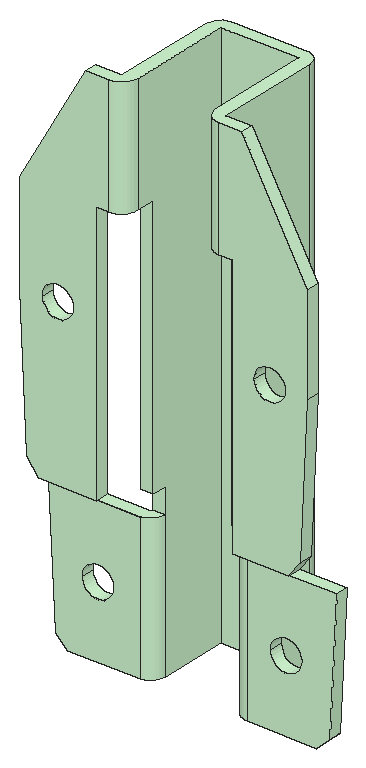
Revit family "チャンネルキャップ", category 機械設備, Revit 2020
Family settings
  丸型コネクタ寸法 = 直径を使用
  種別 = なし
  パーツ タイプ = 標準
  作業面ベース = いいえ
  常に垂直 = はい
  ロード時にボイドで切り取り = いいえ
  共有 = いいえ
  部屋計算ポイント = いいえ
Parameters
  製造元 = "株式会社桐井製作所"
  既定の高さ = 0 mm
  URL = "https://www.kirii.co.jp/"
  K_品名 = "チャンネルキャップ"
  K_名称 = "圧縮補強材取付金具"
  K_バージョン情報 = "20220915"
Reference planes
  plane 1 "中心(正面/背面)": y = 0
  plane 2: z = 0
  plane 3 "中心(左/右)": x = 0
Forms (mm)
  Extrusion 1, solid
    sketch origin (0, 0, 0) x (1, 0, 0) y (0, 1, 0)
      loop
        line (-6.6, 1.6) -> (-18.3, 1.6) -> (-18.3, 0) -> (-6.6, 0)
        arc (-6.6, 0) -> (-5.451, 0.735) -> (-5, 2) r 2
        line (-5, 2) -> (-5, 10.7) -> (5, 10.7) -> (5, 2)
        arc (5, 2) -> (5.586, 0.586) -> (7, 0) r 2
        line (7, 0) -> (18.3, 0) -> (18.3, 1.6) -> (6.6, 1.6) -> (6.6, 10.3)
        arc (6.6, 10.3) -> (6.014, 11.714) -> (4.6, 12.3) r 2
        line (4.6, 12.3) -> (-4.6, 12.3)
        arc (-4.6, 12.3) -> (-6.014, 11.714) -> (-6.6, 10.3) r 2
        line (-6.6, 10.3) -> (-6.6, 1.6)
    from -37.5 to 32.5
  Extrusion 2, void
    sketch origin (0, 0, 0) x (1, 0, 0) y (0, 0, 1)
      loop
        line (-9.9, 32.5) -> (-18.3, 32.5) -> (-18.3, 17.5) -> (-9.9, 32.5)
    from 2.9 to 4.5
  Extrusion 3, void
    sketch origin (0, 0, 0) x (-1, 0, 0) y (0, 0, -1)
      loop
        line (-9.9, -32.5) -> (-18.3, -17.5) -> (-18.3, -32.5) -> (-9.9, -32.5)
    from 2.9 to 4.5
  Extrusion 4, void
    sketch origin (0, 0, 0) x (1, 0, 0) y (0, 0, 1)
      loop
        line (-18.3, 5) -> (-18.3, -15.9) -> (-15.875, -15.9) -> (-17.4, -13.9) -> (-18.3, 5)
    from 2.9 to 4.5
  Extrusion 5, void
    sketch origin (0, 0, 0) x (-1, 0, 0) y (0, 0, -1)
      loop
        line (-18.3, -5) -> (-17.4, 13.9) -> (-15.875, 15.9) -> (-18.3, 15.9) -> (-18.3, -5)
    from 2.9 to 4.5
  Extrusion 6, void
    sketch origin (0, 0, 0) x (1, 0, 0) y (0, 0, 1)
      loop
        circle (-13.45, 5) r 2
    from 2.9 to 4.5
  Extrusion 7, void
    sketch origin (26.9, 0, 0) x (1, 0, 0) y (0, 0, 1)
      loop
        circle (-13.45, 5) r 2
    from 2.9 to 4.5
  Extrusion 8, solid
    sketch origin (0, 0, 0) x (1, 0, 0) y (0, 1, 0)
      loop
        line (-6.6, -2.9) -> (-18.3, -2.9) -> (-18.3, -4.5) -> (-7, -4.5)
        arc (-7, -4.5) -> (-5.586, -3.914) -> (-5, -2.5) r 2
        line (-5, -2.5) -> (-5, 2) -> (-6.6, 2) -> (-6.6, -2.9)
      loop
        line (6.6, 2) -> (5, 2) -> (5, -2.5)
        arc (5, -2.5) -> (5.586, -3.914) -> (7, -4.5) r 2
        line (7, -4.5) -> (18.3, -4.5) -> (18.3, -2.9) -> (6.6, -2.9) -> (6.6, 2)
    from -15.9 to 32.5
  Extrusion 9, void
    sketch origin (0, 0, 0) x (1, 0, 0) y (0, 0, 1)
      loop
        line (-8.6, 17.5) -> (-8.6, -15.9) -> (-4.368, -15.9) -> (-4.368, 17.5) -> (-8.6, 17.5)
    from 0 to 4.5
  Extrusion 10, void
    sketch origin (0, 0, -21.6) x (1, 0, 0) y (0, 0, 1)
      loop
        line (-18.3, 2.5) -> (-18.3, -15.9) -> (-15.8, -15.9) -> (-17.382, -14.4) -> (-18.3, 2.5)
    from -1.6 to 0
  Extrusion 11, void
    sketch origin (0, 0, -21.6) x (-1, 0, 0) y (0, 0, -1)
      loop
        line (-18.3, -2.5) -> (-17.382, 14.4) -> (-15.8, 15.9) -> (-18.3, 15.9) -> (-18.3, -2.5)
    from -1.6 to 0
  Extrusion 12, void
    sketch origin (0, 0, 0) x (1, 0, 0) y (0, 0, 1)
      loop
        line (-18.3, 32.5) -> (-18.3, -15.9) -> (-6.6, -15.9) -> (-6.6, 32.5) -> (-18.3, 32.5)
      loop
        line (6.6, 32.5) -> (6.6, -19.1) -> (18.3, -19.1) -> (18.3, 32.5) -> (6.6, 32.5)
    from -1.6 to 0.614
  Extrusion 13, void
    sketch origin (0, 0, 0) x (1, 0, 0) y (0, 0, 1)
      loop
        line (-18.3, -15.9) -> (-18.3, -19.1) -> (-4.414, -19.1) -> (-4.414, -15.9) -> (-18.3, -15.9)
    from -2 to 0.614
  Extrusion 14, void
    sketch origin (0, 0, 0) x (-1, 0, 0) y (0, 0, -1)
      loop
        line (-18.3, 15.9) -> (-4.414, 15.9) -> (-4.414, 19.1) -> (-18.3, 19.1) -> (-18.3, 15.9)
    from -2 to 0.614
  Extrusion 15, void
    sketch origin (13.6, 0, 0) x (1, 0, 0) y (0, 0, 1)
      loop
        line (-9.186, 17.5) -> (-9.186, -15.9) -> (-4.913, -15.9) -> (-4.913, 17.5) -> (-9.186, 17.5)
    from 0 to 4.5
  Extrusion 16, void
    sketch origin (0, 0, 0) x (1, 0, 0) y (0, 0, 1)
      loop
        circle (-11.95, -28.3) r 2
    from -1.6 to 0
  Extrusion 17, void
    sketch origin (23.912, 0, 0) x (1, 0, 0) y (0, 0, 1)
      loop
        circle (-11.95, -28.3) r 2
    from -1.6 to 0
Cuts and joins
  Extrusion 2, Extrusion 3, Extrusion 4, Extrusion 5, Extrusion 6, Extrusion 7, Extrusion 9, Extrusion 10, Extrusion 11, Extrusion 12, Extrusion 13, Extrusion 14, Extrusion 15, Extrusion 16, Extrusion 17 cuts Extrusion 1
  Extrusion 2, Extrusion 3, Extrusion 4, Extrusion 5, Extrusion 6, Extrusion 7, Extrusion 9, Extrusion 10, Extrusion 12, Extrusion 14, Extrusion 15, Extrusion 16, Extrusion 17 cuts Extrusion 8
  joined: Extrusion 1, Extrusion 8
Dimensions and locks
  aligned and locked: level to plane 2
